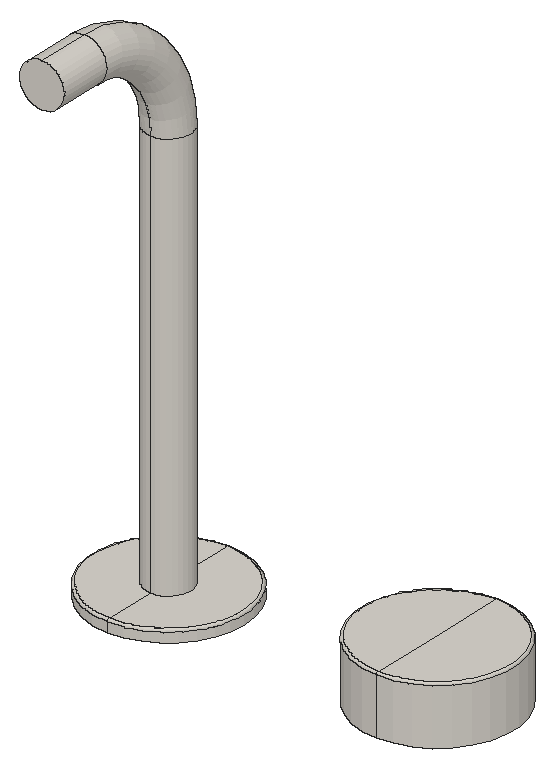
Revit family "MixerSet_Wall_Abey_PocoP_BasinBath_FaceBased", category Plumbing Fixtures, host Face, Revit 2019
Family settings
  Host = Face
  Round Connector Dimension = Use Diameter
  Part Type = Normal
  OmniClass Number = 23.31.11.19
  OmniClass Title = Faucet Mixing Valves
  Cut with Voids When Loaded = No
  Shared = No
  Room Calculation Point = No
Parameters (values of type "220mm Brushed Nickel (63416-2001)")
  Waste Connection = no
  Vent Connection = no
  Uniclass2015Version = "Products v1.28"
  Uniclass2015Title = "Mixer taps"
  Uniclass2015Code = "Pr_40_20_87_55"
  URL = "https://www.abey.com.au/"
  Type Comments = "Brushed Nickel"
  ModifiedIssue = 20230628
  Model = "63416-2001"
  BodyMaterial = Metal_Abey_BrushedNickel
  ManufacturerURLProductSpecific = ""
  ManufacturerSpecCode = Model  # "63416-2001"
  ManufacturerOverallWidth = 180 mm  # constant formula
  ManufacturerOverallHeight = 100 mm  # constant formula
  ManufacturerOverallDepth = 234.5 mm
  Manufacturer = "Abey"  # constant formula
  Keynote = ""
  IfcExportType = "FAUCET"
  IfcExportAs = "ifcValve"
  HW Connection = yes
  Description = ""
  Default Elevation = 0 mm
  CreatedByURL = "https://igsgroup.com.au"
  CreatedBy = "IGS BIM Solutions"  # constant formula
  Cost = 0
  CW Connection = yes
  Assembly Code = "C1030210"
Types (6, lengths in mm): name | Type Comments | BodyMaterial | ManufacturerOverallDepth
  165mm Brushed Brass (63416-2001) | "Brushed Brass" | Metal_Abey_Brass | 179.5
  165mm Brushed Nickel (63416-2001) | "Brushed Nickel" | Metal_Abey_BrushedNickel | 179.5
  165mm Gun Metal (63416-2001) | "Gun Metal" | Metal_Abey_GunMetal | 179.5
  220mm Brushed Brass (63416-2001) | "Brushed Brass" | Metal_Abey_Brass | 234.5
  220mm Brushed Nickel (63416-2001) | "Brushed Nickel" | Metal_Abey_BrushedNickel | 234.5
  220mm Gun Metal (63416-2001) | "Gun Metal" | Metal_Abey_GunMetal | 234.5
Reference planes
  plane 1 "Center (Elevation)": y = -43.75
  plane 2 "Back": z = 0
  plane 3 "Center (Left/Right)": x = 18.07
  plane 4 "Bottom": y = -111.25
  plane 5 "Top": y = -11.25
  plane 6 "Left": x = -71.93
  plane 7 "Right": x = 108.07
  plane 8 "Front": z = 234.5
Forms (mm)
  Extrusion 1, void
    sketch origin (0, 0, 0) x (1, 0, 0) y (0, 1, 0)
      loop
        circle (-39.43, -43.75) r 16.081
    from 0 to -30
Text (mm)
  text "Disclaimer:\nDue to ongoing product development and manufacturing evolution, product details are subject to change without notice. Please refer to product technical data sheets on the manufacturers website for the most current product information. Please allow a +/- 5mm manufacturing tolerance for dimensions and set-outs shown in product literature." at (219.671, 26.678, 0), in view "Ref. Level"
Dimensions and locks
  "ManufacturerOverallDepth": plane 8 "Front" to plane 2 "Back"
  "ManufacturerOverallWidth": plane 6 "Left" to plane 7 "Right"
  "ManufacturerOverallHeight": plane 4 "Bottom" to plane 5 "Top"
  equal spacing: plane 6 "Left", plane 3 "Center (Left/Right)", plane 7 "Right"
  plane 1 "Center (Elevation)" to plane 5 "Top" = 32.5 mm
  aligned and locked: plane 2 "Back" to host face
  aligned and locked: level to host face
  aligned and locked: plane 1 "Center (Elevation)" to nested 1
Automatic sketch dimensions
  host sketch curve to host sketch curve = 209.875 mm
  host sketch curve to host sketch curve = 134.158 mm
  Extrusion 1 sketch curve to plane 3 "Center (Left/Right)" = 57.5 mm
  Extrusion 1 sketch curve to plane 1 "Center (Elevation)" = 0 mm
  radius of Extrusion 1 sketch curve = 16.081 mm
Nested families
  nested 1: "z_MixerSet_Wall_Abey_PocoP_BasinBath" at (18.07, -43.75, 129.75) x (1, 0, 0) z (0, 1, 0), type "Type 1"
Connectors
  piping at (-46.78, -43.75, -1), diameter 12.7, driven by "HW Connection"
    settings: on nested 1, index 1, connector inside diameter 24", connector length 0 mm, flow factor 0, pipe flow 0.00 L/s, pressure drop 0 kPa, fitting loss kfactor 0, connector angle 0.00°, fixture units 0, engagement length 0 mm, angle of deflection 0.00°, flow configuration 2, flow direction 1, fitting loss method 0, system type 19, joint type 0, gender type 0, connector reference index -1, connector utility 1, adjustable connector no, is connector primary yes, connector description "Hot Water Supply"
  piping at (-32.08, -43.75, -1), diameter 12.7, driven by "CW Connection"
    settings: on nested 1, index 2, connector inside diameter 24", connector length 0 mm, flow factor 0, pipe flow 0.00 L/s, pressure drop 0 kPa, fitting loss kfactor 0, connector angle 0.00°, fixture units 0, engagement length 0 mm, angle of deflection 0.00°, flow configuration 2, flow direction 1, fitting loss method 0, system type 20, joint type 0, gender type 0, connector reference index -1, connector utility 1, adjustable connector no, is connector primary no, connector description "Cold Water Supply"
Definition of nested family "z_MixerSet_Wall_Abey_PocoP_BasinBath"
  Parameters (values of type "Type 1")
    Waste Connection = no
    Vent Connection = no
    Uniclass2015Version = ""
    Uniclass2015Title = ""
    Uniclass2015Code = ""
    URL = "https://www.abey.com.au/"
    Type Comments = ""
    ModifiedIssue = 0
    Model = ""
    ManufacturerURLProductSpecific = ""
    ManufacturerSpecCode = ""
    ManufacturerOverallWidth = 180 mm  # constant formula
    ManufacturerOverallHeight = 100 mm  # constant formula
    ManufacturerOverallDepth = 234.5 mm
    Manufacturer = "Abey"  # constant formula
    IfcExportType = ""
    IfcExportAs = ""
    HW Connection = yes
    Description = ""
    Default Elevation = 0 mm
    CreatedByURL = "https://igsgroup.com.au"
    CreatedBy = "IGS BIM Solutions"  # constant formula
    CW Connection = yes
    BodyMaterial = none
    Assembly Code = ""
  Reference planes
    plane 1 "Ref. Level": z = 0
    plane 2 "Center (Left/Right)": x = 0
    plane 3 "Left": x = -90
    plane 4 "Right": x = 90
    plane 5 "Back": y = 129.75
    plane 6 "Bottom": z = -67.5
    plane 7 "Top": z = 32.5
    plane 8 "BasePlateCenter": z = 0
    plane 9 "SpoutCenter (Left/Right)": x = -57.5
    plane 10 "HobCenter (Left/Right)": x = 57.5
    plane 11 "Front": y = -104.75
  Forms (mm)
    Revolve 1, solid, material <- "BodyMaterial"
      sketch origin (-57.5, 1161.962, 3940) x (0, 1, 0) y (0, 0, 1)
        loop
          line (-1032.212, -3940) -> (-1032.212, -3907.5) -> (-1036.212, -3907.5)
          arc (-1036.212, -3907.5) -> (-1036.919, -3907.793) -> (-1037.212, -3908.5) r 1
          line (-1037.212, -3908.5) -> (-1037.212, -3940) -> (-1032.212, -3940)
        axis (-1032.212, -3940) -> (-1037.212, -3940)
      angle from 0 to 360
    Sweep 2, solid, material <- "BodyMaterial"
      path origin (-57.5, 1161.962, 3940) x (0, 1, 0) y (0, 0, 1)
        loop
          line (-1037.212, -3940) -> (-1212.212, -3940)
          arc (-1212.212, -3940) -> (-1244.032, -3953.18) -> (-1257.212, -3985) r 45
          line (-1257.212, -3985) -> (-1257.212, -4007.5)
      profile origin (-57.5, 37.25, 0) x (0, 0, -1) y (1, 0, 0)
        loop
          circle (0, 0) r 9.5
    Revolve 3, solid, material <- "BodyMaterial"
      sketch origin (57.5, 1161.962, 3940) x (0, 1, 0) y (0, 0, 1)
        loop
          line (-1032.212, -3940) -> (-1032.212, -3907.5) -> (-1056.212, -3907.5)
          arc (-1056.212, -3907.5) -> (-1056.919, -3907.793) -> (-1057.212, -3908.5) r 1
          line (-1057.212, -3908.5) -> (-1057.212, -3940) -> (-1032.212, -3940)
        axis (-1032.212, -3940) -> (-1057.212, -3940)
      angle from 0 to 360
    Extrusion 4, solid, material <- "BodyMaterial"
      sketch origin (0, 129.75, 0) x (1, 0, 0) y (0, 0, 1)
        loop
          circle (-64.85, 0) r 6.35
        loop
          circle (-50.15, 0) r 6.35
      from 0 to -1
  Lines and regions (mm)
    Masking region 1
      outline origin (0, 0, 32.5) x (0, -1, 0) y (1, 0, 0)
        loop
          line (-129.75, -25) -> (-129.75, -90) -> (-125.75, -90)
          arc (-125.75, -90) -> (-125.043, -89.707) -> (-124.75, -89) r 1
          line (-124.75, -89) -> (-124.75, -67) -> (95.25, -67)
          arc (95.25, -67) -> (104.75, -57.5) -> (95.25, -48) r 9.5
          line (95.25, -48) -> (-124.75, -48) -> (-124.75, -26)
          arc (-124.75, -26) -> (-125.043, -25.293) -> (-125.75, -25) r 1
          line (-125.75, -25) -> (-129.75, -25)
        loop
          line (-129.75, 25) -> (-105.75, 25)
          arc (-105.75, 25) -> (-105.043, 25.293) -> (-104.75, 26) r 1
          line (-104.75, 26) -> (-104.75, 89)
          arc (-104.75, 89) -> (-105.043, 89.707) -> (-105.75, 90) r 1
          line (-105.75, 90) -> (-129.75, 90) -> (-129.75, 25)
    symbolic lines, detail levels medium+fine
      curve 1: line (-67, 124.75, 32.5) -> (-48, 124.75, 32.5)
  Dimensions and locks
    "ManufacturerOverallWidth": plane 3 "Left" to plane 4 "Right"
    "ManufacturerOverallHeight": plane 7 "Top" to plane 6 "Bottom"
    plane 6 "Bottom" to plane 7 "Top" = 100 mm
    "ManufacturerOverallDepth": plane 11 "Front" to plane 5 "Back"
    locked: plane 7 "Top" to plane 8 "BasePlateCenter" at 32.5
    locked: Sweep 2 sketch curve to plane 11 "Front" at 9.5
    equal spacing: plane 3 "Left", plane 2 "Center (Left/Right)", plane 4 "Right"
    locked: plane 3 "Left" to plane 9 "SpoutCenter (Left/Right)" at 32.5
    locked: plane 10 "HobCenter (Left/Right)" to plane 4 "Right" at 32.5
    locked: Masking region 1 sketch curve to plane 10 "HobCenter (Left/Right)" at 32.5
    aligned and locked: level to plane 1 "Ref. Level"
    aligned and locked: Masking region 1 sketch curve to Sweep 2
  Automatic sketch dimensions
    plane 8 "BasePlateCenter" to Revolve 1 sketch curve = 0 mm  (x2)
    plane 7 "Top" to Revolve 1 sketch curve = 0 mm
    Revolve 1 sketch curve to plane 5 "Back" = 0 mm  (x2)
    plane 5 "Back" to Revolve 1 sketch curve = 4 mm
    plane 7 "Top" to Revolve 1 sketch curve = 1 mm
    Revolve 1 sketch curve to Revolve 1 sketch curve = 3.469 mm
    plane 6 "Bottom" to Sweep 2 sketch curve = 0 mm
    plane 8 "BasePlateCenter" to Sweep 2 sketch curve = 0 mm
    Sweep 2 sketch curve to plane 6 "Bottom" = 22.5 mm
    plane 5 "Back" to Sweep 2 sketch curve = 5 mm
    Sweep 2 sketch curve to plane 9 "SpoutCenter (Left/Right)" = 0 mm
    Sweep 2 sketch curve to profile plane = 0 mm
    plane 8 "BasePlateCenter" to Revolve 3 sketch curve = 0 mm  (x2)
    plane 7 "Top" to Revolve 3 sketch curve = 0 mm
    Revolve 3 sketch curve to plane 5 "Back" = 0 mm  (x2)
    Revolve 3 sketch curve to Revolve 3 sketch curve = 24 mm
    Revolve 3 sketch curve to plane 7 "Top" = 1 mm
    Revolve 3 sketch curve to Revolve 3 sketch curve = 0 mm
    plane 5 "Back" to Masking region 1 sketch curve = 0 mm  (x2)
    Masking region 1 sketch curve to plane 4 "Right" = 0 mm
    Masking region 1 sketch curve to plane 3 "Left" = 0 mm
    plane 3 "Left" to Masking region 1 sketch curve = 1 mm
    plane 5 "Back" to Masking region 1 sketch curve = 4 mm  (x2)
    plane 5 "Back" to Masking region 1 sketch curve = 5 mm
    Masking region 1 sketch curve to Masking region 1 sketch curve = 24 mm
    Masking region 1 sketch curve to Masking region 1 sketch curve = 1 mm  (x2)
    Masking region 1 sketch curve to Masking region 1 sketch curve = 22 mm
    plane 5 "Back" to curve 1 = 5 mm
    curve 1 to plane 9 "SpoutCenter (Left/Right)" = 9.5 mm
    plane 9 "SpoutCenter (Left/Right)" to curve 1 = 9.5 mm
    Extrusion 4 sketch curve to plane 8 "BasePlateCenter" = 0 mm  (x2)
    Extrusion 4 sketch curve to plane 9 "SpoutCenter (Left/Right)" = 7.35 mm
    plane 9 "SpoutCenter (Left/Right)" to Extrusion 4 sketch curve = 7.35 mm
    radius of Sweep 2 sketch curve = 9.5 mm
    radius of Extrusion 4 sketch curve = 6.35 mm  (x2)
